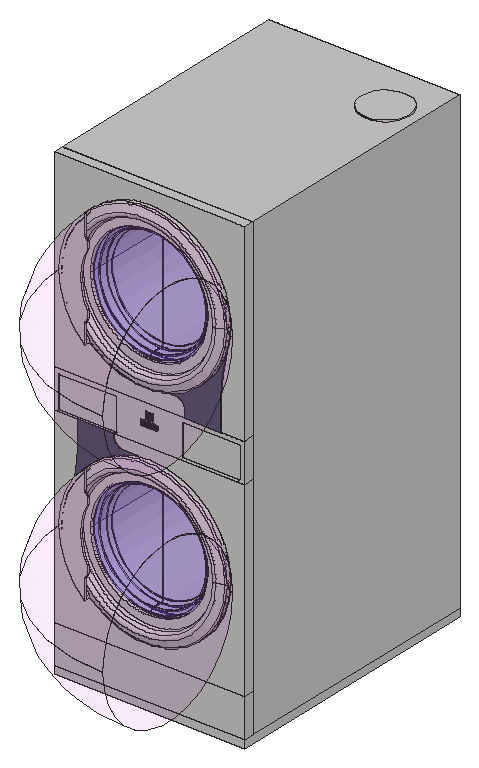
Revit family "TD6-17S Gas", category Attrezzature speciali, Revit 2018
Family settings
  Quota connettore circolare = Usa diametro
  Tipo di parte = Normale
  Basato su piano di lavoro = No
  Sempre verticale = Sì
  Taglio con vuoti quando caricato = No
  Condiviso = No
  Punto di calcolo locali = No
Parameters
  Show Logo [instance] = yes
  Show Clearance [instance] = yes
  Manufacturer = ""
  Model = ""
  Description = ""
Reference planes
  plane 1 "Center X": y = 116.974
  plane 2: z = 0
  plane 3 "Centro (Sinistra/Destra)": x = -404
  plane 4 "BACK": y = 652.5
  plane 5 "FRONT": y = -462.5
  plane 6 "LEFT": x = -799
  plane 7 "RIGHT": x = -9
  plane 8 "TOP": z = 1940
  plane 9: z = 544
  plane 10: z = 981
  plane 11: z = 190
  plane 12: z = 1141
  plane 13: y = -1187.5
Forms (mm)
  Extrusion 1, solid, material "QF_Finishes_Stainless Steel"
    sketch origin (718.1, -398.1, 598.796) x (0, 0, -1) y (0, 1, 0)
      loop
        line (568.796, 1050.6) -> (-1341.204, 1050.6) -> (-1341.204, -20.453) -> (568.796, -20.453) -> (568.796, 1050.6)
    from -1517.1 to -727.1
  Extrusion 2, solid, material "QF_Finishes_Stainless Steel"
    sketch origin (1128.455, 510.482, 1940) x (0, -1, 0) y (1, 0, 0)
      loop
        circle (67.982, -1277.455) r 100
    from 0 to 5
  Extrusion 3, solid, material "QF_Finishes_Stainless Steel"
    sketch origin (0, 0, 1114.3) x (-1, 0, 0) y (0, -1, 0)
      loop
        line (799, -652.5) -> (799, 462.5) -> (9, 462.5) -> (9, -652.5) -> (799, -652.5)
    from -1114.3 to -1084.3
  Extrusion 4, solid, material "QF_Finishes_Stainless Steel"
    sketch origin (-499, -23.96, -503.302) x (0, 1, 0) y (0, 0, 1)
      loop
        line (-394.593, 1484.302) -> (-438.54, 1484.302) -> (-438.54, 693.302) -> (-394.593, 693.302) -> (-394.593, 1484.302)
    from -300 to 490
  Extrusion 5, solid, material "QF_Finishes_Stainless Steel"
    sketch origin (-499, -23.96, 0) x (0, 1, 0) y (0, 0, 1)
      loop
        line (-394.593, 190) -> (-438.54, 190) -> (-438.54, 30) -> (-394.593, 30) -> (-394.593, 190)
    from -300 to 490
  Extrusion 6, solid, material "QF_Finishes_Stainless Steel"
    sketch origin (-499, -23.96, 447.698) x (0, 1, 0) y (0, 0, 1)
      loop
        line (-394.593, 1492.302) -> (-438.54, 1492.302) -> (-438.54, 693.302) -> (-394.593, 693.302) -> (-394.593, 1492.302)
    from -300 to 490
  Extrusion 7, solid, material "QF_Finishes_Stainless Steel"
    sketch origin (-499, 95, -630) x (0, 1, 0) y (0, 0, 1)
      loop
        line (-513.553, 1611) -> (-513.553, 1771) -> (-557.5, 1771) -> (-557.5, 1611) -> (-513.553, 1611)
    from -300 to 490
  Extrusion 8, void
    sketch origin (-499, -462.5, 263.425) x (0, 0, -1) y (-1, 0, 0)
      loop
        line (-858.642, -472.283) -> (-724.55, -472.283) -> (-724.55, -232.283) -> (-858.642, -232.283) -> (-858.642, -472.283)
      loop
        line (-858.642, 282.283) -> (-858.642, 42.283) -> (-724.55, 42.283) -> (-724.55, 282.283) -> (-858.642, 282.283)
    from 0 to 1.6
  Extrusion 9, void
    sketch origin (927.5, -422.06, 667.808) x (0, 0, -1) y (1, 0, 0)
      loop
        circle (69.994, -1331.5) r 245
    from -451.9 to 89.4
  Sweep 10, solid, material "QF_Finishes_Stainless Steel"
    path origin (-370.5, -462.5, 916.036) x (0, 0, -1) y (1, 0, 0)
      loop
        circle (318.576, -33.5) r 337.5
    profile origin (-404, -462.5, 934.96) x (0, 0, -1) y (0, -1, 0)
      loop
        line (0, 0) -> (60.401, 0)
        arc (60.401, 0) -> (59.825, 6.814) -> (57.535, 13.257) r 26.651
        line (57.535, 13.257) -> (49.537, 28.994)
        arc (49.537, 28.994) -> (42.511, 35.32) -> (33.058, 35.302) r 13.156
        line (33.058, 35.302) -> (4.309, 24.168)
        arc (4.309, 24.168) -> (1.18, 21.691) -> (0, 17.88) r 6.744
        line (0, 17.88) -> (0, 0)
  Revolve 11, solid, material "QF_Finishes_Glass"
    sketch origin (-405.5, -194.313, 26.48) x (0, 1, 0) y (0, 0, 1)
      loop
        arc (-190.673, 783.338) -> (-195.066, 793.945) -> (-205.673, 798.338) r 15
        line (-205.673, 798.338) -> (-244.95, 798.338)
        arc (-244.95, 798.338) -> (-252.021, 801.267) -> (-254.95, 808.338) r 10
        line (-254.95, 808.338) -> (-254.95, 816.338) -> (-259.95, 816.338) -> (-259.95, 808.338)
        arc (-259.95, 808.338) -> (-255.556, 797.732) -> (-244.95, 793.338) r 15
        line (-244.95, 793.338) -> (-205.673, 793.338)
        arc (-205.673, 793.338) -> (-198.602, 790.409) -> (-195.673, 783.338) r 10
        line (-195.673, 783.338) -> (-195.673, 570.975) -> (-190.673, 570.975) -> (-190.673, 783.338)
      axis (-259.95, 570.975) -> (-190.673, 570.975)
    angle from 0 to 360
  Extrusion 12, solid, material "QF_Finishes_Stainless Steel"
    sketch origin (-502.081, -462.5, 916.036) x (0, 0, -1) y (1, 0, 0)
      loop
        arc (176.622, -119.08) -> (174.216, -119.45) -> (172.033, -120.527) r 8
        line (172.033, -120.527) -> (158.099, -130.284)
        arc (158.099, -130.284) -> (155.934, -131.338) -> (153.554, -131.7) r 8
        line (153.554, -131.7) -> (72.064, -132.435)
        arc (72.064, -132.435) -> (184.232, -211.528) -> (318.617, -239.419) r 337.5
        arc (318.617, -239.419) -> (452.97, -211.506) -> (565.106, -132.416) r 337.5
        line (565.106, -132.416) -> (483.599, -131.7)
        arc (483.599, -131.7) -> (481.193, -131.33) -> (479.01, -130.253) r 8
        line (479.01, -130.253) -> (465.119, -120.527)
        arc (465.119, -120.527) -> (462.936, -119.45) -> (460.53, -119.08) r 8
        line (460.53, -119.08) -> (176.622, -119.08)
    from 44.672 to 48.96
  Extrusion 13, solid, material "QF_Finishes_Stainless Steel"
    sketch origin (-502.081, -511.46, 916.036) x (0, 0, -1) y (1, 0, 0)
      loop
        arc (72.064, -132.435) -> (184.232, -211.528) -> (318.617, -239.419) r 337.5
        arc (318.617, -239.419) -> (452.97, -211.506) -> (565.106, -132.416) r 337.5
        line (565.106, -132.416) -> (551.229, -132.416)
        arc (551.229, -132.416) -> (444.627, -204.189) -> (318.616, -229.419) r 327.5
        arc (318.616, -229.419) -> (192.574, -204.21) -> (85.942, -132.435) r 327.5
        line (85.942, -132.435) -> (72.064, -132.435)
    from -4.287 to -26.937
  Extrusion 14, void
    sketch origin (927.5, -422.06, 1617.808) x (0, 0, -1) y (1, 0, 0)
      loop
        circle (69.994, -1331.5) r 245
    from -451.9 to 89.4
  Sweep 15, solid, material "QF_Finishes_Stainless Steel"
    path origin (-370.5, -462.5, 1866.036) x (0, 0, -1) y (1, 0, 0)
      loop
        circle (318.576, -33.5) r 337.5
    profile origin (-404, -462.5, 1884.96) x (0, 0, -1) y (0, -1, 0)
      loop
        line (0, 0) -> (60.401, 0)
        arc (60.401, 0) -> (59.825, 6.814) -> (57.535, 13.257) r 26.651
        line (57.535, 13.257) -> (49.537, 28.994)
        arc (49.537, 28.994) -> (42.511, 35.32) -> (33.058, 35.302) r 13.156
        line (33.058, 35.302) -> (4.309, 24.168)
        arc (4.309, 24.168) -> (1.18, 21.691) -> (0, 17.88) r 6.744
        line (0, 17.88) -> (0, 0)
  Revolve 16, solid, material "QF_Finishes_Glass"
    sketch origin (-405.5, -194.313, 976.48) x (0, 1, 0) y (0, 0, 1)
      loop
        arc (-190.673, 783.338) -> (-195.066, 793.945) -> (-205.673, 798.338) r 15
        line (-205.673, 798.338) -> (-244.95, 798.338)
        arc (-244.95, 798.338) -> (-252.021, 801.267) -> (-254.95, 808.338) r 10
        line (-254.95, 808.338) -> (-254.95, 816.338) -> (-259.95, 816.338) -> (-259.95, 808.338)
        arc (-259.95, 808.338) -> (-255.556, 797.732) -> (-244.95, 793.338) r 15
        line (-244.95, 793.338) -> (-205.673, 793.338)
        arc (-205.673, 793.338) -> (-198.602, 790.409) -> (-195.673, 783.338) r 10
        line (-195.673, 783.338) -> (-195.673, 570.975) -> (-190.673, 570.975) -> (-190.673, 783.338)
      axis (-259.95, 570.975) -> (-190.673, 570.975)
    angle from 0 to 360
  Extrusion 17, solid, material "QF_Finishes_Stainless Steel"
    sketch origin (-502.081, -462.5, 1866.036) x (0, 0, -1) y (1, 0, 0)
      loop
        arc (176.622, -119.08) -> (174.216, -119.45) -> (172.033, -120.527) r 8
        line (172.033, -120.527) -> (158.099, -130.284)
        arc (158.099, -130.284) -> (155.934, -131.338) -> (153.554, -131.7) r 8
        line (153.554, -131.7) -> (72.064, -132.435)
        arc (72.064, -132.435) -> (184.232, -211.528) -> (318.617, -239.419) r 337.5
        arc (318.617, -239.419) -> (452.97, -211.506) -> (565.106, -132.416) r 337.5
        line (565.106, -132.416) -> (483.599, -131.7)
        arc (483.599, -131.7) -> (481.193, -131.33) -> (479.01, -130.253) r 8
        line (479.01, -130.253) -> (465.119, -120.527)
        arc (465.119, -120.527) -> (462.936, -119.45) -> (460.53, -119.08) r 8
        line (460.53, -119.08) -> (176.622, -119.08)
    from 44.672 to 48.96
  Extrusion 18, solid, material "QF_Finishes_Stainless Steel"
    sketch origin (-502.081, -511.46, 1866.036) x (0, 0, -1) y (1, 0, 0)
      loop
        arc (72.064, -132.435) -> (184.232, -211.528) -> (318.617, -239.419) r 337.5
        arc (318.617, -239.419) -> (452.97, -211.506) -> (565.106, -132.416) r 337.5
        line (565.106, -132.416) -> (551.229, -132.416)
        arc (551.229, -132.416) -> (444.627, -204.189) -> (318.616, -229.419) r 327.5
        arc (318.616, -229.419) -> (192.574, -204.21) -> (85.942, -132.435) r 327.5
        line (85.942, -132.435) -> (72.064, -132.435)
    from -4.287 to -26.937
  Revolve 19, solid, material "QF_Door-Drawer Clearances", visible <- "Show Clearance"
    sketch origin (885.5, -462.5, 1617.454) x (0, 0, -1) y (1, 0, 0)
      loop
        circle (69.994, -1289.5) r 337.5
      axis (69.994, -902.017) -> (68.994, -902.017)
    angle from 0 to -90
  Extrusion 20, solid, material "QF_Finishes_Blue"
    sketch origin (-499, -462.5, 263.425) x (0, 0, 1) y (-1, 0, 0)
      loop
        line (717.575, 202.283) -> (607.575, 202.283)
        arc (607.575, 202.283) -> (522.027, 209.316) -> (437.854, 226.135) r 745.675
        arc (437.854, 226.135) -> (592.337, 122.223) -> (668.217, -47.791) r 337.5
        line (668.217, -47.791) -> (670.681, 22.782)
        arc (670.681, 22.782) -> (683.843, 43.994) -> (707.39, 52.283) r 37.59
        line (707.39, 52.283) -> (717.575, 52.283) -> (717.575, 202.283)
    from 0 to 1.6
  Extrusion 21, solid, material "QF_Finishes_Blue"
    sketch origin (-309, -462.5, 1881.495) x (0, 0, -1) y (1, 0, 0)
      loop
        line (740.495, 202.283) -> (607.575, 202.283)
        arc (607.575, 202.283) -> (522.027, 209.316) -> (437.854, 226.135) r 745.675
        arc (437.854, 226.135) -> (592.337, 122.223) -> (668.217, -47.791) r 337.5
        line (668.217, -47.791) -> (670.681, 22.782)
        arc (670.681, 22.782) -> (683.843, 43.994) -> (707.39, 52.283) r 37.59
        line (707.39, 52.283) -> (740.495, 52.283) -> (740.495, 202.283)
    from 0 to 1.6
  Extrusion 22, solid, material "QF_Finishes_Stainless Steel"
    sketch origin (203.278, 652.5, 915.233) x (0, 0, 1) y (1, 0, 0)
      loop
        circle (1014.767, -897.278) r 8
    from 0 to 5
  Revolve 23, solid, material "QF_Door-Drawer Clearances", visible <- "Show Clearance"
    sketch origin (885.5, -462.5, 667.454) x (0, 0, -1) y (1, 0, 0)
      loop
        circle (69.994, -1289.5) r 337.5
      axis (69.994, -902.017) -> (68.994, -902.017)
    angle from 0 to -90
  Extrusion 24, solid, material "QF_Finishes_Stainless Steel"
    sketch origin (128.278, 652.5, 915.233) x (0, 0, 1) y (1, 0, 0)
      loop
        circle (1014.767, -897.278) r 8
    from 0 to 5
Cuts and joins
  Extrusion 8 cuts Extrusion 7
  Extrusion 9, Extrusion 14 cuts Extrusion 1
  Extrusion 9 cuts Extrusion 4
  Extrusion 9 cuts Extrusion 12
  Extrusion 14 cuts Extrusion 6
  Extrusion 14 cuts Extrusion 17
Lines and regions (mm)
  Split face 1
    outline origin (-106.717, -460.9, 1122.067) x (0, 0, -1) y (1, 0, 0)
      loop
        line (10, -594.565) -> (124.092, -594.565) -> (124.092, -444.565) -> (10, -444.565) -> (10, -594.565)
  Split face 2
    outline origin (-106.717, -460.9, 1122.067) x (0, 0, -1) y (1, 0, 0)
      loop
        line (10, 0) -> (10, -150) -> (124.092, -150) -> (124.092, 0) -> (10, 0)
  symbolic lines
    curve 1: line (-9, 652.5, 1940) -> (-799, 652.5, 1940)
    curve 2: line (-799, -462.5, 1940) -> (-9, -462.5, 1940)
    curve 3: line (-9, 652.5, 0) -> (-9, -462.5, 0)
    curve 4: line (-799, 652.5, 0) -> (-799, -462.5, 0)
    curve 8: arc (-149, 342.5, 0) -> (-49, 442.5, 0) -> (-149, 542.5, 0) r 100
    curve 9: arc (-149, 542.5, 0) -> (-249, 442.5, 0) -> (-149, 342.5, 0) r 100
  symbolic lines, style "QF_Door-Drawer Clearances"
    curve 5: line (-404, -557.5, 660) -> (-404, -557.5, 260)
    curve 6: line (-16.517, -1187.483, 0) -> (-16.517, -462.5, 0)
    curve 7: arc (-741.5, -462.5, 0) -> (-529.158, -975.14, 0) -> (-16.517, -1187.483, 0) r 724.983
Dimensions and locks
  plane 6 "LEFT" to plane 3 "Centro (Sinistra/Destra)" to plane 7 "RIGHT" = 395 mm, 395 mm
  plane 6 "LEFT" to plane 7 "RIGHT" = 790 mm
  plane 4 "BACK" to plane 5 "FRONT" = 1115 mm  (x2)
  plane 4 "BACK" to plane 1 "Center X" to plane 5 "FRONT" = 535.526 mm, 579.474 mm
  plane 8 "TOP" to level = 1940 mm
  plane 5 "FRONT" to plane 4 "BACK" = 1115 mm
  Extrusion 2 sketch curve to plane 6 "LEFT" = 650 mm
  plane 10 to plane 11 = 791 mm
  plane 12 to plane 10 = 160 mm
  plane 4 "BACK" to plane 13 = 1840 mm
  aligned and locked: level to plane 2
  aligned and locked: Extrusion 1 to plane 6 "LEFT"
  aligned and locked: plane 7 "RIGHT" to Extrusion 1
  aligned and locked: Extrusion 13 to Extrusion 12
  aligned and locked: Extrusion 18 to Extrusion 17
Nested families
  nested 1: "ELX_Logo_Professional" at (-404, -462.5, 1077.939) x (1, 0, 0) z (0, -1, 0), type "ELX_Logo_Professional"
Connectors
  piping at (-149, 442.5, 1945), diameter 200
    settings: on Extrusion 2, index 3, connector inside diameter 609.6 mm, connector length 0 mm, flow factor 0, pipe flow 0.0 L/s, pressure drop 0.0 Pa, fitting loss kfactor 0, connector angle 0.00°, fixture units 0, engagement length 0 mm, angle of deflection 0.00°, flow configuration 1, flow direction 2, fitting loss method 0, system type 7, joint type 0, gender type 0, connector reference index -1, connector utility 0, adjustable connector no, is connector primary yes, connector description "Exhaust Connection"
  electrical at (-694, 657.5, 1930)
    settings: on Extrusion 22, index 4, voltage 0 V, apparent load 0 VA, apparent load phase1 0 VA, apparent load phase2 0 VA, apparent load phase3 0 VA, power factor 1, load classification "Altro", number of poles 1, system type 30, power factor state 1, is connector primary yes, connector utility no, sub classification motor no, connector description "Electrical"
  piping at (-769, 657.5, 1930), diameter 16
    settings: on Extrusion 24, index 5, connector inside diameter 609.6 mm, connector length 0 mm, flow factor 0, pipe flow 0.0 L/s, pressure drop 0.0 Pa, fitting loss kfactor 0, connector angle 0.00°, fixture units 0, engagement length 0 mm, angle of deflection 0.00°, flow configuration 0, flow direction 0, fitting loss method 0, system type 22, joint type 0, gender type 0, connector reference index -1, connector utility 0, adjustable connector no, is connector primary no, connector description "Gas"
Definition of nested family "ELX_Logo_Professional"
  Parameters (values of type "ELX_Logo_Professional")
    materiale = none
    Default Elevation = 0 mm
  Reference planes
    plane 1 "Centro (Fronte/Retro)": y = 0
    plane 2: z = 0
    plane 3 "Centro (Sinistra/Destra)": x = 0
  Forms (mm)
    Extrusion 1, solid
      sketch origin (0, 0, 0) x (1, 0, 0) y (0, 1, 0)
        loop
          line (-1219.2, 1219.2) -> (-1219.2, -1219.2) -> (1219.2, -1219.2) -> (1219.2, 1219.2) -> (-1219.2, 1219.2)
      from 0 to -304.8
    Extrusion 2, solid, material <- "materiale"
      sketch origin (-144.622, -1081.55, 0) x (-1, 0, 0) y (0, -1, 0)
        loop
          line (-130.265, -1113.361) -> (-130.265, -1084.645) -> (-158.979, -1084.645) -> (-158.979, -1113.361) -> (-130.265, -1113.361)
        loop
          arc (-146.24, -1106.937) -> (-147.076, -1109.166) -> (-147.324, -1111.534) r 9.395
          arc (-147.324, -1111.534) -> (-145.139, -1111.806) -> (-142.939, -1111.706) r 13.008
          line (-142.939, -1111.706) -> (-141.329, -1111.382) -> (-139.8, -1110.859) -> (-138.364, -1110.152) -> (-137.035, -1109.277) -> (-135.826, -1108.249) -> (-134.751, -1107.081) -> (-133.821, -1105.789) -> (-133.05, -1104.389) -> (-132.452, -1102.893) -> (-132.039, -1101.318) -> (-131.824, -1099.675) -> (-134.539, -1099.675) -> (-136.155, -1099.784) -> (-137.741, -1100.101) -> (-139.277, -1100.613) -> (-140.74, -1101.304) -> (-142.111, -1102.159) -> (-143.367, -1103.165) -> (-144.488, -1104.306) -> (-145.453, -1105.568) -> (-146.24, -1106.937)
        loop
          line (-148.67, -1086.844) -> (-150.173, -1087.464) -> (-151.57, -1088.253) -> (-152.847, -1089.196) -> (-153.992, -1090.281) -> (-154.994, -1091.494) -> (-155.841, -1092.821) -> (-156.519, -1094.25) -> (-157.018, -1095.766) -> (-157.324, -1097.357) -> (-157.427, -1099.009) -> (-157.315, -1100.685) -> (-156.998, -1102.296) -> (-156.488, -1103.827) -> (-155.799, -1105.265) -> (-154.946, -1106.596) -> (-153.94, -1107.806) -> (-152.796, -1108.882) -> (-151.528, -1109.81) -> (-150.148, -1110.576) -> (-148.67, -1111.167) -> (-148.67, -1086.844)
        loop
          arc (-147.323, -1086.473) -> (-147.041, -1088.83) -> (-146.239, -1091.065) r 10.532
          line (-146.239, -1091.065) -> (-145.452, -1092.432) -> (-144.488, -1093.693) -> (-143.367, -1094.833) -> (-142.111, -1095.838) -> (-140.741, -1096.693) -> (-139.278, -1097.383) -> (-137.743, -1097.894) -> (-136.157, -1098.211) -> (-134.541, -1098.32) -> (-131.822, -1098.32) -> (-131.976, -1096.81) -> (-132.312, -1095.353) -> (-132.818, -1093.961) -> (-133.481, -1092.644) -> (-134.291, -1091.416) -> (-135.235, -1090.288) -> (-136.302, -1089.272) -> (-137.48, -1088.379) -> (-138.757, -1087.622) -> (-140.121, -1087.012) -> (-141.56, -1086.561) -> (-143.063, -1086.281) -> (-144.633, -1086.183)
          arc (-144.633, -1086.183) -> (-145.985, -1086.264) -> (-147.323, -1086.473) r 14.39
        loop
          line (-111.329, -1069.559) -> (-111.329, -1071.073) -> (-116.048, -1071.073) -> (-116.048, -1072.896) -> (-111.328, -1072.896) -> (-111.328, -1075.549) -> (-116.349, -1075.549) -> (-116.349, -1077.368) -> (-109.396, -1077.368) -> (-109.396, -1073.46) -> (-109.396, -1069.659)
          arc (-109.396, -1069.659) -> (-110.425, -1067.175) -> (-112.909, -1066.146) r 3.513
          line (-112.909, -1066.146) -> (-116.483, -1066.146) -> (-116.483, -1067.963) -> (-112.925, -1067.963)
          arc (-112.925, -1067.963) -> (-111.797, -1068.431) -> (-111.329, -1069.559) r 1.596
        loop
          line (-119.79, -1077.358) -> (-117.856, -1077.358) -> (-117.856, -1072.053) -> (-117.856, -1066.132) -> (-119.79, -1066.132) -> (-119.79, -1072.092) -> (-119.79, -1077.358)
        loop
          line (-122.986, -1069.718) -> (-129.327, -1069.718)
          arc (-129.327, -1069.718) -> (-129.219, -1071.449) -> (-128.497, -1073.026) r 4.757
          arc (-128.497, -1073.026) -> (-125.237, -1074.5) -> (-121.978, -1073.026) r 4.34
          arc (-121.978, -1073.026) -> (-121.072, -1070.207) -> (-121.978, -1067.388) r 4.838
          arc (-121.978, -1067.388) -> (-125.393, -1065.933) -> (-128.809, -1067.388) r 4.737
          line (-128.809, -1067.388) -> (-127.645, -1068.52)
          arc (-127.645, -1068.52) -> (-125.509, -1067.576) -> (-123.374, -1068.52) r 2.888
          arc (-123.374, -1068.52) -> (-123.05, -1069.077) -> (-122.986, -1069.718) r 1.527
        loop
          arc (-127.386, -1071.076) -> (-126.67, -1072.331) -> (-125.331, -1072.872) r 2.201
          arc (-125.331, -1072.872) -> (-123.848, -1072.402) -> (-123.033, -1071.076) r 2.23
          line (-123.033, -1071.076) -> (-127.386, -1071.076)
        loop
          line (-136.862, -1071.886) -> (-138.059, -1073.132)
          arc (-138.059, -1073.132) -> (-130.327, -1070.219) -> (-138.059, -1067.306) r 4.415
          line (-138.059, -1067.306) -> (-136.862, -1068.553)
          arc (-136.862, -1068.553) -> (-132.252, -1070.22) -> (-136.862, -1071.886) r 2.606
        loop
          line (-141.192, -1069.673) -> (-141.192, -1072.494) -> (-142.951, -1072.494) -> (-142.951, -1074.25) -> (-141.195, -1074.25) -> (-141.195, -1077.358) -> (-139.262, -1077.358) -> (-139.262, -1073.332) -> (-139.262, -1069.514)
          arc (-139.262, -1069.514) -> (-140.299, -1066.92) -> (-142.98, -1066.132) r 3.196
          line (-142.98, -1066.132) -> (-142.987, -1067.949)
          arc (-142.987, -1067.949) -> (-141.652, -1068.356) -> (-141.192, -1069.673) r 1.542
        loop
          line (-146.494, -1073.042) -> (-146.494, -1074.25) -> (-144.576, -1074.25) -> (-144.576, -1070.271) -> (-144.576, -1066.132) -> (-146.494, -1066.132) -> (-146.494, -1070.401)
          arc (-146.494, -1070.401) -> (-147.446, -1072.228) -> (-149.489, -1072.494) r 2.229
          line (-149.489, -1072.494) -> (-149.489, -1074.362)
          arc (-149.489, -1074.362) -> (-147.761, -1074.226) -> (-146.494, -1073.042) r 2.627
        loop
          line (-159.833, -1072.246) -> (-159.833, -1066.131) -> (-161.767, -1066.131) -> (-161.767, -1072.17) -> (-161.767, -1077.359) -> (-159.833, -1077.359) -> (-159.833, -1072.246)
        loop
          line (-165.194, -1069.514) -> (-165.194, -1074.25) -> (-163.245, -1074.25) -> (-163.245, -1071.898) -> (-163.245, -1069.098)
          arc (-163.245, -1069.098) -> (-166.96, -1065.769) -> (-170.687, -1069.085) r 3.745
          line (-170.687, -1069.085) -> (-170.687, -1071.898) -> (-170.687, -1074.25) -> (-168.739, -1074.25) -> (-168.739, -1069.514)
          arc (-168.739, -1069.514) -> (-166.967, -1067.742) -> (-165.194, -1069.514) r 1.772
        loop
          line (-174.654, -1070.416) -> (-172.975, -1068.078) -> (-171.578, -1066.131) -> (-173.656, -1066.131) -> (-175.717, -1068.999) -> (-177.779, -1066.131) -> (-179.857, -1066.131) -> (-178, -1068.728) -> (-176.781, -1070.433) -> (-178.29, -1072.488) -> (-179.583, -1074.25) -> (-177.473, -1074.25) -> (-175.717, -1071.818) -> (-173.945, -1074.25) -> (-171.852, -1074.25) -> (-173.052, -1072.608) -> (-174.654, -1070.416)
        loop
          circle (-154.223, -1070.188) r 2.508
        loop
          circle (-154.223, -1070.188) r 4.42
        loop
          line (-110.224, -1058.542) -> (-111.194, -1058.542)
          arc (-111.194, -1058.542) -> (-112.217, -1059.95) -> (-110.924, -1061.114) r 1.3
          line (-110.924, -1061.114) -> (-109.424, -1061.114) -> (-109.424, -1057.223) -> (-110.224, -1057.223) -> (-110.224, -1058.542)
        loop
          line (-110.224, -1060.379) -> (-110.224, -1059.293) -> (-111.03, -1059.293)
          arc (-111.03, -1059.293) -> (-111.43, -1059.836) -> (-111.03, -1060.379) r 0.569
          line (-111.03, -1060.379) -> (-110.224, -1060.379)
        loop
          line (-116.302, -1058.564) -> (-117.128, -1058.564) -> (-117.934, -1057.223) -> (-118.841, -1057.223) -> (-117.833, -1058.884)
          arc (-117.833, -1058.884) -> (-118.214, -1060.282) -> (-117.028, -1061.114) r 1.26
          line (-117.028, -1061.114) -> (-115.503, -1061.114) -> (-115.503, -1057.223) -> (-116.302, -1057.223) -> (-116.302, -1058.564)
        loop
          line (-116.302, -1060.379) -> (-116.302, -1059.293) -> (-117.109, -1059.293)
          arc (-117.109, -1059.293) -> (-117.508, -1059.836) -> (-117.109, -1060.379) r 0.569
          line (-117.109, -1060.379) -> (-116.302, -1060.379)
        loop
          line (-128.923, -1057.223) -> (-129.723, -1057.223) -> (-129.723, -1058.714) -> (-131.187, -1058.714) -> (-131.187, -1059.514) -> (-129.723, -1059.514) -> (-129.723, -1060.314) -> (-131.327, -1060.314) -> (-131.327, -1061.114) -> (-128.923, -1061.114) -> (-128.923, -1057.223)
        loop
          arc (-134.628, -1058.469) -> (-134.992, -1057.588) -> (-135.874, -1057.223) r 1.246
          line (-135.874, -1057.223) -> (-137.13, -1057.223) -> (-137.13, -1058.023) -> (-135.969, -1058.023)
          arc (-135.969, -1058.023) -> (-135.53, -1058.237) -> (-135.427, -1058.714) r 0.558
          line (-135.427, -1058.714) -> (-136.984, -1058.714) -> (-136.984, -1059.514) -> (-135.427, -1059.514) -> (-135.427, -1060.314) -> (-137.092, -1060.314) -> (-137.092, -1061.114) -> (-134.628, -1061.114) -> (-134.628, -1058.469)
        loop
          line (-152.3, -1057.223) -> (-153.1, -1057.223) -> (-153.1, -1061.114) -> (-152.3, -1061.114) -> (-152.3, -1057.223)
        loop
          line (-164.67, -1057.223) -> (-164.67, -1059.67) -> (-166.45, -1057.223) -> (-167.25, -1057.223) -> (-167.25, -1061.114) -> (-166.42, -1061.114) -> (-166.42, -1058.594) -> (-164.64, -1061.114) -> (-163.84, -1061.114) -> (-163.84, -1057.223) -> (-164.67, -1057.223)
        loop
          line (-170.403, -1057.223) -> (-171.262, -1057.223) -> (-171.641, -1058.063) -> (-173.08, -1058.063) -> (-173.459, -1057.223) -> (-174.317, -1057.223) -> (-172.796, -1061.113) -> (-171.996, -1061.113) -> (-170.403, -1057.223)
        loop
          line (-177.493, -1057.223) -> (-179.789, -1057.223) -> (-179.789, -1058.023) -> (-178.293, -1058.023) -> (-178.293, -1061.114) -> (-177.493, -1061.114) -> (-177.493, -1057.223)
        loop
          line (-172.362, -1059.848) -> (-171.945, -1058.83) -> (-172.76, -1058.83) -> (-172.362, -1059.848)
        loop
          circle (-158.484, -1059.145) r 1.288
        loop
          circle (-158.484, -1059.145) r 2.065
        loop
          arc (-146.04, -1058.095) -> (-146.933, -1057.275) -> (-148.145, -1057.245) r 1.725
          arc (-148.145, -1057.245) -> (-148.965, -1058.02) -> (-148.68, -1059.111) r 1.107
          arc (-148.68, -1059.111) -> (-148.103, -1059.465) -> (-147.486, -1059.746) r 5.523
          arc (-147.486, -1059.746) -> (-147.147, -1060.262) -> (-147.708, -1060.52) r 0.407
          arc (-147.708, -1060.52) -> (-148.045, -1060.315) -> (-148.325, -1060.038) r 1.702
          line (-148.325, -1060.038) -> (-149.011, -1060.45)
          arc (-149.011, -1060.45) -> (-148.578, -1060.911) -> (-148.043, -1061.247) r 2.463
          arc (-148.043, -1061.247) -> (-146.373, -1060.466) -> (-147.42, -1058.949) r 1.207
          spline (-147.42, -1058.949) -> (-147.716, -1058.809) -> (-147.932, -1058.678) -> (-148.077, -1058.557) -> (-148.163, -1058.446) -> (-148.198, -1058.347) -> (-148.192, -1058.258) -> (-148.157, -1058.182) -> (-148.102, -1058.118) -> (-148.037, -1058.068) -> (-147.972, -1058.031) -> (-147.917, -1058.008) -> (-147.883, -1058)
          arc (-147.883, -1058) -> (-147.238, -1058.014) -> (-146.759, -1058.446) r 0.925
          line (-146.759, -1058.446) -> (-146.04, -1058.095)
        loop
          arc (-140.18, -1058.095) -> (-141.073, -1057.275) -> (-142.285, -1057.245) r 1.725
          arc (-142.285, -1057.245) -> (-143.106, -1058.02) -> (-142.821, -1059.111) r 1.107
          arc (-142.821, -1059.111) -> (-142.243, -1059.465) -> (-141.627, -1059.746) r 5.523
          arc (-141.627, -1059.746) -> (-141.287, -1060.262) -> (-141.849, -1060.52) r 0.407
          arc (-141.849, -1060.52) -> (-142.185, -1060.315) -> (-142.466, -1060.038) r 1.702
          line (-142.466, -1060.038) -> (-143.151, -1060.45)
          arc (-143.151, -1060.45) -> (-142.719, -1060.911) -> (-142.183, -1061.247) r 2.463
          arc (-142.183, -1061.247) -> (-140.513, -1060.466) -> (-141.56, -1058.949) r 1.207
          spline (-141.56, -1058.949) -> (-141.856, -1058.809) -> (-142.072, -1058.678) -> (-142.218, -1058.557) -> (-142.303, -1058.446) -> (-142.338, -1058.347) -> (-142.333, -1058.258) -> (-142.298, -1058.182) -> (-142.242, -1058.118) -> (-142.177, -1058.068) -> (-142.112, -1058.031) -> (-142.057, -1058.008) -> (-142.023, -1058)
          arc (-142.023, -1058) -> (-141.378, -1058.014) -> (-140.9, -1058.446) r 0.925
          line (-140.9, -1058.446) -> (-140.18, -1058.095)
        loop
          circle (-123.484, -1059.145) r 1.288
        loop
          circle (-123.484, -1059.145) r 2.065
      from 0 to 1.6
  Dimensions and locks
    aligned and locked: plane 2 to Extrusion 1
    aligned and locked: level to Extrusion 1
